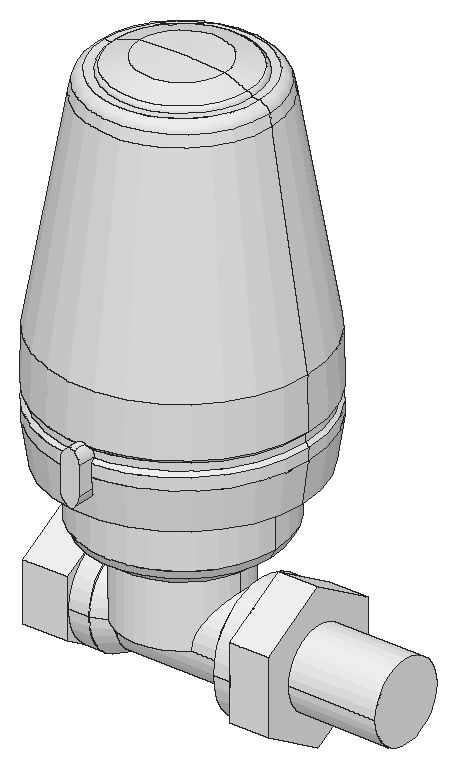
Revit family "RA-FN_Straight_DN10-20_F_Regus_RFA_1", category Pipe Accessories, Revit 2019
Family settings
  Round Connector Dimension = Use Diameter
  Part Type = Valve - Breaks Into
  OmniClass Number = 23.65.55.14.17
  OmniClass Title = Adjusting/Controlling Valves for Liquid Services
  Work Plane-Based = No
  Always vertical = Yes
  Cut with Voids When Loaded = No
  Shared = No
Parameters (values of type "RA-FN_Straight_DN10_Internal_F_013G0002")
  Weight = 0.21 kg
  W = 58.00 mm  # constant formula
  Sensor Type = Regus Sensors_RA_RFA : Regus Sensors_RA_Built-in_8-28 °C
  SL = L1 + L2  # 55.50 mm
  RV4_1 = 15.50 mm
  RV2_1 = 12.50 mm
  RV4 = 13.30 mm
  RV3 = 11.00 mm
  RV2 = 10.80 mm
  Pressure Drop [instance] = 0.0 bar
  Model Type = "RA-FN_Straight_DN10_Internal_F"
  Model = "013G0002"
  Max Operating Pressure = "10 bar"  # constant formula
  Max Medium Temperature = "120 ˚C"  # constant formula
  Max Differential Pressure = "0.6 bar"  # constant formula
  L_2 = 8.50 mm
  Valve Body Material = Danfoss Nickel Plated Brass
  RV5 = 8.30 mm
  LOD 350 = not(LOD 200)  # yes
  LOD 200 = no
  L7 = 3.60 mm
  L5 = 14.50 mm
  L4 = 7.50 mm
  L3 = 4.20 mm
  L = 74.50 mm
  Kvs = 0.65 m³/h
  IfcExportType = "RA-FN"  # constant formula
  IfcExportAs = "IfcValveType"  # constant formula
  L_1 = 9.80 mm
  URL = "https://store.danfoss.com/en/Climate-Solutions-for-heating/Radiator-Thermostats/Radiator-Valves/Build-on-valves/Fixed-capacity-valves/c/13867?q=%3Arelevance%3Adanfoss_producttypehierarchydesc%3ARA-FN&text="
  Manufacturer = "Danfoss"  # constant formula
  L2 = 29.50 mm
  L1 = 26.00 mm
  Ha [instance] = 108.80 mm
  HT = 48.00 mm  # constant formula
  HB = 15.59 mm
  H = HB + 108.80 mm  # 124.39 mm
  Flow [instance] = 0.0 m³/h
  Description = "Thermostatic Radiator Valve"  # constant formula
  D_Thread = L_Thread2 * 2  # 27.00 mm
  DB1 = 25.50 mm
  DV1 = 18.00 mm
  L_Thread2 = 13.50 mm
  L_Thread1 = 10.80 mm
  D = 10.00 mm
  Connection = "Internal Thread"  # constant formula
Types (3, lengths in mm): name | Weight | SL | RV4_1 | RV2_1 | RV4 | RV3 | RV2 | Model Type | Model | L_2 | RV5 | L7 | L5 | L4 | L3 | L | Kvs | L_1 | L2 | L1 | HB | H | D_Thread | DB1 | DV1 | L_Thread2 | L_Thread1 | D
  RA-FN_Straight_DN10_Internal_F_013G0002 | 0.21 kg | 55.50 | 15.50 | 12.50 | 13.30 | 11.00 | 10.80 | "RA-FN_Straight_DN10_Internal_F" | "013G0002" | 8.50 | 8.30 | 3.60 | 14.50 | 7.50 | 4.20 | 74.50 | 0.65 m³/h | 9.80 | 29.50 | 26.00 | 15.59 | 124.39 | 27.00 | 25.50 | 18.00 | 13.50 | 10.80 | 10.00
  RA-FN_Straight_DN15_Internal_F_013G0004 | 0.24 kg | 61.00 | 17.30 | 15.30 | 14.80 | 12.30 | 12.50 | "RA-FN_Straight_DN15_Internal_F" | "013G0004" | 10.00 | 10.50 | 3.80 | 15.50 | 9.50 | 4.00 | 82.00 | 0.9 m³/h | 10.00 | 32.00 | 29.00 | 17.32 | 126.12 | 30.00 | 25.50 | 20.30 | 15.00 | 13.30 | 15.00
  RA-FN_Straight_DN20_Internal_F_013G0006 | 0.39 kg | 74.30 | 21.00 | 18.30 | 18.20 | 15.00 | 15.60 | "RA-FN_Straight_DN20_Internal_F" | "013G0006" | 14.00 | 13.30 | 4.20 | 18.00 | 14.00 | 6.20 | 96.50 | 1.4 m³/h | 12.20 | 39.30 | 35.00 | 21.13 | 129.93 | 36.60 | 29.00 | 25.00 | 18.30 | 15.80 | 20.00
Reference planes
  plane 1 "Center (Front/Back)": y = 0
  plane 2 "XYPLANE": z = 6
  plane 3 "Center (Left/Right)": x = 0
  plane 4 "63": x = 0
  plane 5 "62": x = -26
  plane 6 "61": x = 29.5
  plane 7 "60": y = 0
  plane 8 "59": z = 0
  plane 9 "Y2": x = -16.2
  plane 10: z = 108.8
  plane 11: x = 48.5
  plane 12: x = 21
  plane 13: z = 15
  plane 14: x = 14.5
  plane 15: x = -7.5
  plane 16: x = -11.7
  plane 17: x = 17.4
  plane 18: x = -11.473
  plane 19: z = -15.59
  plane 20: y = 27.5
  plane 21: y = -30.5
Forms (mm)
  Extrusion 1, solid, material "Danfoss Nickel Plated Brass" <- "Valve Body Material", visible <- "LOD 350", detail levels fine
    sketch origin (-15, 0, 0) x (0, 0, 1) y (0, -1, 0)
      loop
        circle (0, 0) r 9
    from 7.5 to 29.5
  Extrusion 2, solid, material "Danfoss Nickel Plated Brass" <- "Valve Body Material", visible <- "LOD 350", detail levels fine
    sketch origin (29.5, -750, 0) x (0, 1, 0) y (0, 0, 1)
      loop
        line (750, 15.588) -> (736.5, 7.794) -> (736.5, -7.794) -> (750, -15.588) -> (763.5, -7.794) -> (763.5, 7.794) -> (750, 15.588)
    from 0 to -8.5
  Extrusion 3, solid, material "Danfoss Nickel Plated Brass" <- "Valve Body Material", visible <- "LOD 350", detail levels fine
    sketch origin (-26, -750, 0) x (0, 1, 0) y (0, 0, 1)
      loop
        line (750, 12.471) -> (739.2, 6.235) -> (739.2, -6.235) -> (750, -12.471) -> (760.8, -6.235) -> (760.8, 6.235) -> (750, 12.471)
    from 0 to 9.8 <- "L_1"
  Extrusion 4, solid, material "Danfoss Nickel Plated Brass" <- "Valve Body Material", visible <- "LOD 350", detail levels fine
    sketch origin (29.5, -750, 0) x (0, 1, 0) y (0, 0, 1)
      loop
        circle (750, 0) r 10.8
    from -45.7 to -41.2
  Extrusion 5, solid, material "Danfoss Nickel Plated Brass" <- "Valve Body Material", visible <- "LOD 200", detail levels fine
    sketch origin (29.5, -750, 0) x (0, 1, 0) y (0, 0, 1)
      loop
        circle (750, 0) r 9
    from -45.7 to -8.5
  Extrusion 6, solid, material "Danfoss Nickel Plated Brass" <- "Valve Body Material", detail levels fine
    sketch origin (0, 0, 0) x (0, 1, 0) y (0, 0, 1)
      loop
        circle (0, 0) r 8.3
    from 29.5 to 48.5
  Extrusion 7, solid, material "Danfoss Nickel Plated Brass" <- "Valve Body Material", detail levels fine
    sketch origin (0, 0, 0) x (1, 0, 0) y (0, 1, 0)
      loop
        circle (0, 0) r 12.75
    from 0 to 15
  Blend 8, solid, material "Danfoss Nickel Plated Brass" <- "Valve Body Material", visible <- "LOD 350", detail levels fine
    base sketch origin (0, 0, 0) x (0, 1, 0) y (0, 0, 1)
      loop
        circle (0, 0) r 10.8
    top sketch origin (0, 0, 0) x (0, 1, 0) y (0, 0, 1)
      loop
        circle (0, 0) r 9
    from -11.7 to -7.5
  Blend 9, solid, material "Danfoss Nickel Plated Brass" <- "Valve Body Material", visible <- "LOD 350", detail levels fine
    base sketch origin (0, 0, 0) x (0, 1, 0) y (0, 0, -1)
      loop
        circle (0, 0) r 11
    top sketch origin (0, 0, 0) x (0, 1, 0) y (0, 0, -1)
      loop
        circle (0, 0) r 9
    from -17.4 to -14.5
  Extrusion 10, solid, material "Danfoss Nickel Plated Brass" <- "Valve Body Material", visible <- "LOD 350", detail levels fine
    sketch origin (-29.5, -750, 0) x (0, 1, 0) y (0, 0, -1)
      loop
        circle (750, 0) r 13.3
    from -50.5 to -46.9
  Extrusion 11, solid, material "Danfoss Nickel Plated Brass" <- "Valve Body Material", visible <- "LOD 200", detail levels fine
    sketch origin (0, 0, 0) x (0, 1, 0) y (0, 0, 1)
      loop
        circle (0, 0) r 12.5
    from -26 to -16.2
  Extrusion 12, solid, material "Danfoss Nickel Plated Brass" <- "Valve Body Material", visible <- "LOD 200", detail levels fine
    sketch origin (0, 0, 0) x (0, 1, 0) y (0, 0, 1)
      loop
        circle (0, 0) r 15.5
    from 21 to 29.5
Lines and regions (mm)
  reference lines, not visible
    curve 1: circle (2, 2, 0) r 1 normal (0, 0, 1)
  reference lines, visible <- "LOD 350"
    curve 2: line (29.5, 0, 0) -> (29.5, 5.846, -3.375)
    curve 3: line (29.5, 0, 0) -> (29.5, 0, -6.75)
    curve 4: line (29.5, 0, 0) -> (29.5, -5.846, -3.375)
    curve 5: line (-26, 0, 0) -> (-26, -4.98, -2.875)
    curve 6: line (-26, 0, 0) -> (-26, 0, -5.75)
    curve 7: line (-26, 0, 0) -> (-26, 4.98, -2.875)
Dimensions and locks
  plane 1 "Center (Front/Back)" to curve 1 = 2.00 mm
  locked: plane 3 "Center (Left/Right)" to plane 4 "63"
  "L1": plane 3 "Center (Left/Right)" to plane 5 "62"
  "L2": plane 3 "Center (Left/Right)" to plane 6 "61"
  locked: plane 1 "Center (Front/Back)" to plane 7 "60"
  plane 8 "59" to plane 2 "XYPLANE" = 6.00 mm
  "L_Thread2": curve 2 to Extrusion 2 sketch curve  (x2)
  "L_Thread2": curve 3 to Extrusion 2 sketch curve  (x2)
  "L_Thread2": curve 4 to Extrusion 2 sketch curve  (x2)
  "L_Thread1": curve 5 to Extrusion 3 sketch curve  (x2)
  "L_Thread1": curve 6 to Extrusion 3 sketch curve  (x2)
  "L_Thread1": curve 7 to Extrusion 3 sketch curve  (x2)
  "L_1": plane 5 "62" to plane 9 "Y2"
  "L_2": plane 12 to plane 6 "61"
  "L4": plane 3 "Center (Left/Right)" to plane 15
  "L5": plane 14 to plane 3 "Center (Left/Right)"
  "L3": plane 15 to plane 16
  "L": plane 5 "62" to plane 11
  plane 6 "61" to plane 5 "62" = 55.50 mm
  plane 11 to plane 5 "62" = 74.50 mm
  "L7": plane 12 to plane 17
  locked: plane 18 to plane 9 "Y2" at 4.727
  locked: plane 13 to level at 15
  "Ha": plane 10 to level
  "HB": level to plane 19
  "H": plane 10 to plane 19
  "W": plane 21 to plane 20
  "DV1": diameter of Extrusion 1 sketch curve
  "RV2": radius of Extrusion 4 sketch curve
  "DV1": diameter of Extrusion 5 sketch curve
  "RV5": radius of Extrusion 6 sketch curve
  "DB1": diameter of Extrusion 7 sketch curve
  "RV2": radius of Blend 8 sketch curve
  "DV1": diameter of Blend 8 sketch curve
  "RV3": radius of Blend 9 sketch curve
  "DV1": diameter of Blend 9 sketch curve
  "RV4": radius of Extrusion 10 sketch curve
  "RV2_1": radius of Extrusion 11 sketch curve
  "RV4_1": radius of Extrusion 12 sketch curve
  locked: curve 3 to curve 2 (angle 60.00°)
  locked: curve 4 to curve 3 (angle 60.00°)
  locked: curve 4 to curve 2 (angle 120.00°)
  locked: curve 6 to curve 5 (angle 60.00°)
  locked: curve 7 to curve 6 (angle 60.00°)
  locked: curve 7 to curve 5 (angle 120.00°)
  aligned and locked: Extrusion 1 sketch curve to plane 7 "60"
  aligned and locked: curve 4 to plane 7 "60"
  aligned and locked: plane 8 "59" to curve 4
  aligned and locked: curve 7 to plane 7 "60"
  aligned and locked: plane 8 "59" to curve 7
  aligned and locked: plane 1 "Center (Front/Back)" to Extrusion 4 sketch curve
  aligned and locked: level to Extrusion 4 sketch curve
  aligned and locked: plane 1 "Center (Front/Back)" to Extrusion 5 sketch curve
  aligned and locked: level to Extrusion 5 sketch curve
  aligned and locked: plane 9 "Y2" to Extrusion 3
  aligned and locked: plane 1 "Center (Front/Back)" to Extrusion 6 sketch curve
  aligned and locked: level to Extrusion 6 sketch curve
  aligned and locked: Extrusion 2 to plane 12
  aligned and locked: plane 4 "63" to Extrusion 7 sketch curve
  aligned and locked: plane 7 "60" to Extrusion 7 sketch curve
  aligned and locked: plane 13 to Extrusion 7
  aligned and locked: Extrusion 6 to plane 6 "61"
  aligned and locked: Extrusion 6 to plane 11
  aligned and locked: Extrusion 1 to plane 15
  aligned and locked: plane 14 to Extrusion 1
  aligned and locked: Extrusion 4 to plane 9 "Y2"
  aligned and locked: plane 16 to Extrusion 4
  aligned and locked: plane 1 "Center (Front/Back)" to Blend 8 sketch curve  (x2)
  aligned and locked: level to Blend 8 sketch curve  (x2)
  aligned and locked: Blend 8 to plane 16
  aligned and locked: plane 15 to Blend 8
  aligned and locked: plane 14 to Blend 9
  aligned and locked: plane 1 "Center (Front/Back)" to Blend 9 sketch curve  (x2)
  aligned and locked: level to Blend 9 sketch curve  (x2)
  aligned and locked: Extrusion 5 to plane 9 "Y2"
  aligned and locked: plane 12 to Extrusion 5
  aligned and locked: plane 17 to Blend 9
  aligned and locked: plane 12 to Extrusion 10
  aligned and locked: Extrusion 10 to plane 17
  aligned and locked: plane 1 "Center (Front/Back)" to Extrusion 11 sketch curve
  aligned and locked: level to Extrusion 11 sketch curve
  aligned and locked: Extrusion 11 to plane 5 "62"
  aligned and locked: Extrusion 11 to plane 9 "Y2"
  aligned and locked: plane 1 "Center (Front/Back)" to Extrusion 12 sketch curve
  aligned and locked: level to Extrusion 12 sketch curve
  aligned and locked: Extrusion 2 to Extrusion 12
  aligned and locked: Extrusion 12 to plane 6 "61"
  aligned and locked: plane 3 "Center (Left/Right)" to nested 1
  aligned and locked: plane 13 to nested 1
  aligned and locked: plane 1 "Center (Front/Back)" to nested 1
  aligned and locked: nested 2 to plane 13
  aligned and locked: plane 3 "Center (Left/Right)" to nested 2
  aligned and locked: plane 1 "Center (Front/Back)" to nested 2
  aligned and locked: level to nested 3
  aligned and locked: nested 3 to plane 6 "61"
  aligned and locked: plane 1 "Center (Front/Back)" to nested 3
Automatic sketch dimensions
  plane 3 "Center (Left/Right)" to curve 1 = 2.00 mm
  Extrusion 1 sketch curve to level = 0.00 mm
  Extrusion 6 sketch curve to level = 0.00 mm
  Extrusion 10 sketch curve to level = 0.00 mm
  Extrusion 10 sketch curve to plane 1 "Center (Front/Back)" = 0.00 mm
  radius of curve 1 = 1.00 mm
Nested families
  nested 1: "connection neck" at (0, 0, 15), LOD 200 <- "LOD 200", type "connection", detail levels fine
    with LOD 350 yes, LOD 200 no, DN20(350) no, DN10-15(350) yes
  nested 2: "Regus Sensors_RA_RFA" at (0, 0, 15), LOD 200 <- "LOD 200", type <- "Sensor Type", type "Regus Sensors_RA_Built-in_8-28 °C", detail levels fine
    with LOD 350 yes, LOD 200 no
  nested 3: "Schematic_TRV_Sensor_Straight" at (1.75, 0, 0), type "Schematic_TRV_Sensor_Straight", detail levels coarse+medium
Connectors
  piping at (-26, 0, 0), diameter 10, driven by "D", driven by "Flow"
    settings: on Extrusion 3, index 2, connector inside diameter 609.6 mm, connector length 0.00 mm, flow factor 0, pipe flow 0.0 m³/h, pressure drop 0.0 bar, fitting loss kfactor 0, connector angle 0.00°, fixture units 0, engagement length 0.00 mm, angle of deflection 0.00°, flow configuration 0, flow direction 1, fitting loss method 0, system type 29, joint type 0, gender type 0, connector reference index 3, connector utility 0, adjustable connector no, is connector primary yes, connector description ""
  piping at (29.5, 0, 0), diameter 10, driven by "Flow", driven by "D"
    settings: on Extrusion 2, index 3, connector inside diameter 609.6 mm, connector length 0.00 mm, flow factor 0, pipe flow 0.0 m³/h, pressure drop 0.0 bar, fitting loss kfactor 0, connector angle 0.00°, fixture units 0, engagement length 0.00 mm, angle of deflection 0.00°, flow configuration 0, flow direction 2, fitting loss method 0, system type 29, joint type 0, gender type 0, connector reference index 2, connector utility 0, adjustable connector no, is connector primary no, connector description ""
Definition of nested family "connection neck"
  Parameters (values of type "connection")
    Model = ""
    Valve Body Material = none
    LOD 350 [instance] = not(LOD 200)  # yes
    LOD 200 [instance] = no
    IfcExportType = "Connection neck"  # constant formula
    IfcExportAs = "IfcValveType"  # constant formula
    URL = "https://store.danfoss.com/en/Climate-Solutions-for-heating/Radiator-Thermostats/Radiator-Valves/Build-on-valves/Presetting-valves/c/13866?q=%3Arelevance%3Adanfoss_producttypehierarchydesc%3ARA-N&text="
    Manufacturer = "Danfoss"  # constant formula
    HT1 = if(D = 20.00 mm, 12.55 mm, 12.65 mm)  # 12.65 mm
    HT = 33.00 mm  # constant formula
    H [instance] = 33.00 mm
    Description = "Thermostatic Radiator Valve"  # constant formula
    DN20(350) [instance] = and((LOD 350), D = 20.00 mm)  # no
    DN10-15(350) [instance] = and((LOD 350), D < 20.00 mm)  # yes
    D = 10.00 mm
  Reference planes
    plane 1 "Center (Front/Back)": y = 0
    plane 2 "XYPLANE": z = 6
    plane 3 "Center (Left/Right)": x = 0
    plane 4 "67": z = 27.03
    plane 5 "66": z = 7
    plane 6 "63": x = 0
    plane 7 "60": y = 0
    plane 8 "59": z = 0
    plane 9: z = 33
    plane 10: z = 12.65
    plane 11: z = 0
    plane 12 "HT1": z = 12.65
    plane 13: z = 6.1
    plane 14: z = 23.03
  Forms (mm)
    Revolve 1, solid, detail levels fine
      sketch origin (0, 0, 0) x (1, 0, 0) y (0, 0, 1)
        loop
          line (0, 33) -> (0, 27.03) -> (1, 27.03) -> (1, 33) -> (0, 33)
        axis (0, 27.03) -> (0, 33)
      angle from 0 to 360
    Revolve 2, solid, visible <- "DN10-15(350)", detail levels fine
      sketch origin (0, 0, 0) x (1, 0, 0) y (0, 0, 1)
        loop
          line (0, 0) -> (11.5, 0) -> (11.5, 7) -> (8.3, 7) -> (8.3, 12.65) -> (0, 12.65) -> (0, 0)
        axis (0, 12.65) -> (0, 0)
      angle from 0 to 360
    Revolve 3, solid, material <- "Valve Body Material", detail levels fine
      sketch origin (0, 0, 0) x (1, 0, 0) y (0, 0, 1)
        loop
          line (0, 23.03) -> (0, 12.65) -> (9.3, 12.65) -> (9.3, 23.03) -> (0, 23.03)
        axis (0, 12.65) -> (0, 23.03)
      angle from 0 to 360
    Revolve 4, solid, visible <- "LOD 200", detail levels fine
      sketch origin (0, 0, 0) x (1, 0, 0) y (0, 0, 1)
        loop
          line (0, 0) -> (11.5, 0) -> (11.5, 12.65) -> (0, 12.65) -> (0, 0)
        axis (0, 0) -> (0, 12.65)
      angle from 0 to 360
    Extrusion 5, solid, visible <- "LOD 350", detail levels fine
      sketch origin (0, 0, 0) x (1, 0, 0) y (0, 1, 0)
        loop
          line (-2.887, 5) -> (-5.774, 0) -> (-2.887, -5) -> (2.887, -5) -> (5.774, 0) -> (2.887, 5) -> (-2.887, 5)
      from 23.03 to 27.03
    Revolve 6, solid, visible <- "LOD 200", detail levels fine
      sketch origin (0, 0, 0) x (1, 0, 0) y (0, 0, 1)
        loop
          line (0, 27.03) -> (0, 23.03) -> (5.774, 23.03) -> (5.774, 27.03) -> (0, 27.03)
        axis (0, 27.03) -> (0, 23.03)
      angle from 0 to 360
    Revolve 7, solid, visible <- "DN20(350)", detail levels fine
      sketch origin (0, 0, 0) x (1, 0, 0) y (0, 0, 1)
        loop
          line (0, 0) -> (11.5, 0) -> (11.5, 6.1) -> (8.3, 6.1) -> (8.3, 12.65) -> (0, 12.65) -> (0, 0)
        axis (0, 12.65) -> (0, 0)
      angle from 0 to 360
  Lines and regions (mm)
    reference lines, not visible
      curve 1: circle (2, 2, 0) r 1 normal (0, 0, 1)
    reference lines, visible <- "LOD 350"
      curve 2: line (32, 0, 0) -> (32, 5.846, -3.375)
      curve 3: line (32, 0, 0) -> (32, 0, -6.75)
      curve 4: line (32, 0, 0) -> (32, -5.846, -3.375)
      curve 5: line (-29, 0, 0) -> (-29, -4.98, -2.875)
      curve 6: line (-29, 0, 0) -> (-29, 0, -5.75)
      curve 7: line (-29, 0, 0) -> (-29, 4.98, -2.875)
  Dimensions and locks
    plane 1 "Center (Front/Back)" to curve 1 = 2.00 mm
    locked: plane 3 "Center (Left/Right)" to plane 6 "63"
    locked: plane 1 "Center (Front/Back)" to plane 7 "60"
    plane 8 "59" to plane 2 "XYPLANE" = 6.00 mm
    "HT": plane 9 to level
    Revolve 3 sketch curve to Revolve 3 sketch curve = 9.30 mm
    Revolve 2 sketch curve to plane 3 "Center (Left/Right)" = 11.50 mm
    Revolve 2 sketch curve to plane 3 "Center (Left/Right)" = 8.30 mm
    Revolve 4 sketch curve to Revolve 4 sketch curve = 11.50 mm
    Extrusion 5 sketch curve to Extrusion 5 sketch curve = 10.00 mm  (x3)
    equal spacing: Extrusion 5 sketch curve, plane 1 "Center (Front/Back)", Extrusion 5 sketch curve
    equal spacing: Extrusion 5 sketch curve, plane 3 "Center (Left/Right)", Extrusion 5 sketch curve  (x2)
    Revolve 6 sketch curve to Revolve 6 sketch curve = 5.774 mm
    "H": plane 9 to plane 11
    Revolve 1 sketch curve to Revolve 1 sketch curve = 1.00 mm
    locked: level to plane 11
    Revolve 7 sketch curve to plane 3 "Center (Left/Right)" = 8.30 mm
    Revolve 7 sketch curve to plane 3 "Center (Left/Right)" = 11.50 mm
    plane 10 to plane 5 "66" = 5.65 mm
    "HT1": plane 12 "HT1" to level
    locked: plane 13 to level at 6.1
    plane 12 "HT1" to plane 13 = 6.55 mm
    locked: plane 14 to plane 12 "HT1" at 10.38
    locked: plane 4 "67" to plane 14 at 4
    locked: plane 5 "66" to level at 7
    locked: curve 3 to curve 2 (angle 60.00°)
    locked: curve 4 to curve 3 (angle 60.00°)
    locked: curve 4 to curve 2 (angle 120.00°)
    locked: curve 6 to curve 5 (angle 60.00°)
    locked: curve 7 to curve 6 (angle 60.00°)
    locked: curve 7 to curve 5 (angle 120.00°)
    aligned and locked: curve 4 to plane 7 "60"
    aligned and locked: plane 8 "59" to curve 4
    aligned and locked: curve 7 to plane 7 "60"
    aligned and locked: plane 8 "59" to curve 7
    aligned and locked: Revolve 1 sketch curve to plane 6 "63"
    aligned and locked: Revolve 1 sketch curve to plane 9
    aligned and locked: plane 6 "63" to Revolve 1 sketch curve
    aligned and locked: Revolve 2 sketch curve to plane 5 "66"
    aligned and locked: Revolve 2 sketch curve to plane 3 "Center (Left/Right)"
    aligned and locked: Revolve 2 sketch curve to Revolve 2 sketch curve
    aligned and locked: Revolve 3 sketch curve to plane 6 "63"
    aligned and locked: plane 6 "63" to Revolve 3 sketch curve
    aligned and locked: Revolve 4 sketch curve to plane 6 "63"
    aligned and locked: plane 2 "XYPLANE" to Revolve 4 sketch curve
    aligned and locked: plane 6 "63" to Revolve 4 sketch curve
    aligned and locked: Revolve 1 sketch curve to plane 4 "67"
    aligned and locked: plane 4 "67" to Revolve 1 sketch curve
    aligned and locked: Revolve 2 sketch curve to plane 11
    aligned and locked: plane 11 to Revolve 2 sketch curve
    aligned and locked: plane 4 "67" to Extrusion 5
    aligned and locked: plane 10 to Revolve 4
    aligned and locked: Revolve 6 sketch curve to plane 6 "63"  (x2)
    aligned and locked: Revolve 6 sketch curve to plane 4 "67"
    aligned and locked: Revolve 6 sketch curve to Revolve 1
    aligned and locked: Revolve 6 sketch curve to Revolve 6 sketch curve
    aligned and locked: Revolve 7 sketch curve to level
    aligned and locked: Revolve 7 sketch curve to plane 3 "Center (Left/Right)"  (x2)
    aligned and locked: Revolve 4 sketch curve to plane 12 "HT1"
    aligned and locked: Revolve 3 sketch curve to plane 12 "HT1"
    aligned and locked: Revolve 2 sketch curve to plane 12 "HT1"
    aligned and locked: Revolve 7 sketch curve to plane 12 "HT1"
    aligned and locked: Revolve 7 sketch curve to plane 13
    aligned and locked: Revolve 3 sketch curve to plane 14
    aligned and locked: Extrusion 5 to plane 14
  Automatic sketch dimensions
    plane 3 "Center (Left/Right)" to curve 1 = 2.00 mm
    plane 9 to Revolve 1 sketch curve = 0.838 mm
    Revolve 3 sketch curve to plane 3 "Center (Left/Right)" = 0.00 mm
    plane 5 "66" to Revolve 3 sketch curve = 2.50 mm
    Revolve 3 sketch curve to plane 9 = 1.691 mm
    Revolve 4 sketch curve to plane 11 = 0.00 mm
    Revolve 4 sketch curve to plane 9 = 0.30 mm
    plane 1 "Center (Front/Back)" to Extrusion 5 sketch curve = 0.00 mm
    Extrusion 5 sketch curve to Extrusion 5 sketch curve = 2.887 mm
    Revolve 7 sketch curve to Revolve 7 sketch curve = 0.00 mm
    Revolve 7 sketch curve to Revolve 7 sketch curve = 11.48 mm
    Revolve 2 sketch curve to plane 4 "67" = 3.00 mm
    Revolve 6 sketch curve to plane 4 "67" = 4.00 mm
    radius of curve 1 = 1.00 mm
Definition of nested family "Regus Sensors_RA_RFA"
  Parameters (values of type "Regus Sensors_RA_Built-in_8-28 °C")
    W [instance] = 57.89 mm
    URL = "https://store.danfoss.com/en/Climate-Solutions-for-heating/Radiator-Thermostats/Radiator-sensors/Room-sensor-mTRV/Sensors-for-Danfoss-RA-valves/c/13884?q=%3Arelevance%3Adanfoss_producttypehierarchydesc%3ADanfoss+Regus%C2%AE+Sensors%3Adanfoss_a1184338573%3AA1184_3385735918e24870f0ea98b9978dae8a69c533%3Adanfoss_a1186338575%3AA1186_3385757565fa0f3e171a343b2fd2a01064cb82&text="
    Sensor Media = "Liquid"  # constant formula
    Model Type = "Regus Sensors_RA_Built-in_8-28 °C"
    Model = "015G3690,015G3698,015G3818"
    Min Temperature Setting = "8 °C"
    Max Temperature Setting = "28 °C"  # constant formula
    Manufacturer = "Danfoss"  # constant formula
    LOD 350 [instance] = not(LOD 200)  # yes
    LOD 200 [instance] = no
    L [instance] = 55.00 mm
    IfcExportType = "Regus Sensors"  # constant formula
    IfcExportAs = "IfcActuatorType"  # constant formula
    H [instance] = 93.80 mm
    Description = "Radiator Sensor"  # constant formula
    Connection = "RA"  # constant formula
    Body Material = none
  Types (3, lengths in mm): name | W | Model Type | Model | Min Temperature Setting
    Regus Sensors_RA_Built-in_8-28 °C | 57.89 | "Regus Sensors_RA_Built-in_8-28 °C" | "015G3690,015G3698,015G3818" | "8 °C"
    Regus Sensors_RA_Built-in_16-28 °C_015G3696 | 58.085 | "Regus Sensors_RA_Built-in_16-28 °C" | "015G3696" | "16 °C"
    Regus Sensors_RA_Built-in_15-28 °C_015G3695 | 57.89 | "Regus Sensors_RA_Built-in_15-28 °C" | "015G3695" | "15 °C"
  Reference planes
    plane 1 "Center (Front/Back)": y = 0
    plane 2: z = 0
    plane 3 "Center (Left/Right)": x = 0
    plane 4: y = 27.5
    plane 5: z = 93.8
    plane 6 "TP": z = 56
    plane 7 "BT": z = 17.2
    plane 8: x = -27.5
    plane 9: y = -27.5
    plane 10: x = 27.5
  Forms (mm)
    Revolve 1, solid, material <- "Body Material", visible <- "LOD 350", detail levels fine
      sketch origin (0, 0, 0) x (1, 0, 0) y (0, 0, 1)
        loop
          line (-15.605, 0) -> (0, 0) -> (0, 93.862)
          arc (0, 93.862) -> (-4.572, 93.778) -> (-9.125, 93.351) r 61.086
          arc (-9.125, 93.351) -> (-11.749, 92.659) -> (-14.298, 91.729) r 29.461
          arc (-14.298, 91.729) -> (-14.798, 91.355) -> (-15.061, 90.788) r 1.279
          line (-15.061, 90.788) -> (-16.86, 90.788)
          arc (-16.86, 90.788) -> (-18.161, 90.099) -> (-18.896, 88.823) r 2.657
          line (-18.896, 88.823) -> (-19.478, 86.463) -> (-27.325, 41.083) -> (-27.5, 30.132) -> (-26.69, 29.322) -> (-26.69, 27.783) -> (-27.5, 26.973) -> (-27.5, 24.341) -> (-26.21, 15.683) -> (-19.151, 15.683) -> (-20.356, 13.596) -> (-20.356, 4.723) -> (-19.293, 2.723) -> (-17.405, 2.723) -> (-17.405, 1.8) -> (-15.605, 0)
        axis (0, 93.862) -> (0, 0)
      angle from 0 to 360
    Revolve 2, solid, material <- "Body Material", visible <- "LOD 200", detail levels fine
      sketch origin (0, 0, 0) x (1, 0, 0) y (0, 0, 1)
        loop
          line (-20.702, 0) -> (0, 0) -> (0, 93.763) -> (-8.613, 93.313)
          arc (-8.613, 93.313) -> (-14.163, 92.002) -> (-18.896, 88.823) r 15.949
          line (-18.896, 88.823) -> (-27.397, 40.667) -> (-27.397, 23.819) -> (-26.254, 15.683) -> (-20.702, 15.683) -> (-20.702, 0)
        axis (0, 93.763) -> (0, 0)
      angle from 0 to 360
    Extrusion 3, solid, material <- "Body Material", visible <- "LOD 350", detail levels fine
      sketch origin (0, 0, 0) x (1, 0, 0) y (0, 0, 1)
        loop
          line (-2.009, 27.783) -> (-2.009, 21.856)
          arc (-2.009, 21.856) -> (-1.593, 20.295) -> (-0.456, 19.148) r 3.138
          arc (-0.456, 19.148) -> (0.144, 19.027) -> (0.691, 19.3) r 0.942
          arc (0.691, 19.3) -> (1.66, 20.418) -> (2.009, 21.856) r 3.138
          line (2.009, 21.856) -> (2.009, 27.783)
          arc (2.009, 27.783) -> (1.66, 29.221) -> (0.691, 30.339) r 3.138
          arc (0.691, 30.339) -> (0.144, 30.612) -> (-0.456, 30.491) r 0.942
          arc (-0.456, 30.491) -> (-1.593, 29.344) -> (-2.009, 27.783) r 3.138
      from 0 to 30.39
  Lines and regions (mm)
    symbolic lines
      curve 1: line (25.439, -10.66, 0) -> (26.655, -6.916, 0)
  Dimensions and locks
    "H": plane 5 to level
    "W": plane 4 to Extrusion 3
    equal spacing: plane 9, plane 1 "Center (Front/Back)", plane 4
    equal spacing: plane 10, plane 3 "Center (Left/Right)", plane 8
    "L": plane 10 to plane 8
    equal spacing: plane 8, plane 3 "Center (Left/Right)", plane 10
    aligned and locked: level to plane 2
  Automatic sketch dimensions
    plane 1 "Center (Front/Back)" to curve 1 = 6.916 mm
    curve 1 to curve 1 = 1.216 mm
    curve 1 to curve 1 = 3.744 mm
    plane 3 "Center (Left/Right)" to curve 1 = 25.439 mm
    Revolve 1 sketch curve to plane 8 = 0.00 mm  (x2)
    Revolve 1 sketch curve to plane 3 "Center (Left/Right)" = 0.00 mm  (x2)
    plane 8 to Revolve 1 sketch curve = 0.175 mm
    plane 8 to Revolve 1 sketch curve = 0.81 mm
    plane 8 to Revolve 1 sketch curve = 1.29 mm
    Revolve 1 sketch curve to Revolve 1 sketch curve = 5.853 mm
    plane 8 to Revolve 1 sketch curve = 8.022 mm
    level to Revolve 1 sketch curve = 2.723 mm
    Revolve 1 sketch curve to Revolve 1 sketch curve = 1.063 mm
    Revolve 1 sketch curve to plane 5 = 4.977 mm
    Revolve 1 sketch curve to Revolve 1 sketch curve = 0.581 mm
    Revolve 1 sketch curve to Revolve 1 sketch curve = 1.888 mm
    Revolve 1 sketch curve to Revolve 1 sketch curve = 2.037 mm
    Revolve 1 sketch curve to Revolve 1 sketch curve = 0.543 mm
    Revolve 1 sketch curve to Revolve 1 sketch curve = 1.798 mm
    Revolve 1 sketch curve to Revolve 1 sketch curve = 1.256 mm
    Revolve 1 sketch curve to plane 3 "Center (Left/Right)" = 2.936 mm
    Revolve 1 sketch curve to plane 3 "Center (Left/Right)" = 1.157 mm
    Revolve 1 sketch curve to Revolve 1 sketch curve = 2.00 mm
    plane 7 "BT" to Revolve 1 sketch curve = 3.604 mm
    Revolve 1 sketch curve to plane 7 "BT" = 7.141 mm
    Revolve 1 sketch curve to Revolve 1 sketch curve = 2.632 mm
    Revolve 1 sketch curve to Revolve 1 sketch curve = 0.81 mm  (x2)
    Revolve 1 sketch curve to Revolve 1 sketch curve = 1.539 mm
    Revolve 1 sketch curve to plane 7 "BT" = 15.587 mm
    Revolve 1 sketch curve to Revolve 1 sketch curve = 10.951 mm
    Revolve 1 sketch curve to plane 6 "TP" = 8.548 mm
    Revolve 1 sketch curve to Revolve 1 sketch curve = 2.36 mm
    Revolve 1 sketch curve to Revolve 1 sketch curve = 0.636 mm
    Revolve 1 sketch curve to Revolve 1 sketch curve = 0.239 mm
    plane 5 to Revolve 1 sketch curve = 0.062 mm
    plane 7 "BT" to Revolve 1 sketch curve = 1.517 mm
    Revolve 1 sketch curve to Revolve 1 sketch curve = 1.205 mm
    level to Revolve 1 sketch curve = 1.80 mm
    Revolve 1 sketch curve to Revolve 1 sketch curve = 0.00 mm
    Revolve 1 sketch curve to level = 366.045 mm
    Revolve 1 sketch curve to Revolve 1 sketch curve = 2130.253 mm
    Revolve 1 sketch curve to level = 0.00 mm
    Revolve 1 sketch curve to Revolve 1 sketch curve = 1.80 mm
    Extrusion 3 sketch curve to plane 3 "Center (Left/Right)" = 2.009 mm
    Extrusion 3 sketch curve to Extrusion 3 sketch curve = 0.88 mm  (x3)
    plane 3 "Center (Left/Right)" to Extrusion 3 sketch curve = 0.02 mm  (x2)
    plane 3 "Center (Left/Right)" to Extrusion 3 sketch curve = 1.129 mm  (x2)
    Extrusion 3 sketch curve to plane 7 "BT" = 2.761 mm
    Extrusion 3 sketch curve to Extrusion 3 sketch curve = 1.895 mm  (x2)
    Extrusion 3 sketch curve to Extrusion 3 sketch curve = 0.00 mm  (x4)
    Extrusion 3 sketch curve to Extrusion 3 sketch curve = 5.927 mm
    Revolve 2 sketch curve to level = 0.00 mm
    Revolve 2 sketch curve to plane 3 "Center (Left/Right)" = 0.00 mm  (x2)
    Revolve 2 sketch curve to plane 3 "Center (Left/Right)" = 7.781 mm
    plane 7 "BT" to Revolve 2 sketch curve = 1.517 mm
    plane 8 to Revolve 2 sketch curve = 6.798 mm
    plane 8 to Revolve 2 sketch curve = 1.246 mm
    plane 8 to Revolve 2 sketch curve = 0.103 mm
    Revolve 2 sketch curve to plane 7 "BT" = 6.619 mm
    plane 6 "TP" to Revolve 2 sketch curve = 15.333 mm
    Revolve 2 sketch curve to plane 5 = 0.037 mm
    Revolve 2 sketch curve to plane 5 = 0.487 mm
    Revolve 2 sketch curve to plane 3 "Center (Left/Right)" = 8.613 mm
    plane 8 to Revolve 2 sketch curve = 8.604 mm
    Revolve 2 sketch curve to level = 366.045 mm
    Revolve 2 sketch curve to plane 5 = 4.977 mm
    plane 5 to Revolve 2 sketch curve = 2120.515 mm
Definition of nested family "Schematic_TRV_Sensor_Straight"
  Parameters (values of type "Schematic_TRV_Sensor_Straight")
    LA_1 = 1 / 9 * HA  # 3.111 mm
    HT = 48.00 mm
    HA_2 = 4 / 5 * HA  # 22.40 mm
    HA_1 = 1 / 5 * HA  # 5.60 mm
    HA = 4 / 5 * D  # 28.00 mm
    LA = 3 / 5 * HA  # 16.80 mm
    L = 80.00 mm
    D = 35.00 mm
  Reference planes
    plane 1 "Center (Front/Back)": y = 0
    plane 2: z = 0
    plane 3 "Center (Left/Right)": x = 0
    plane 4: z = 17.5
    plane 5: z = -17.5
    plane 6: z = 76
    plane 7: x = 40
    plane 8: x = -40
    plane 9: y = 17.5
    plane 10: y = -17.5
    plane 11: y = 76
    plane 12: z = 48
    plane 13: x = -8.4
    plane 14: x = 8.4
    plane 15: y = 48
    plane 16: z = 70.4
    plane 17: x = -5.289
    plane 18: x = 5.289
    plane 19: z = 53.6
    plane 20: y = 70.4
    plane 21: y = 53.6
    plane 22 "centerline": z = 0
  Lines and regions (mm)
    model lines
      curve 1: line (0, 0, 48) -> (0, 0, 0)
      curve 2: line (0, 0, 0) -> (-40, 0, 17.5)
      curve 3: line (-40, 0, 17.5) -> (-40, 0, -17.5)
      curve 4: line (-40, 0, -17.5) -> (0, 0, 0)
      curve 5: line (0, 0, 0) -> (40, 0, 17.5)
      curve 6: line (40, 0, 17.5) -> (40, 0, -17.5)
      curve 7: line (40, 0, -17.5) -> (0, 0, 0)
      curve 15: line (-8.4, 0, 76) -> (8.4, 0, 76)
      curve 16: line (-8.4, 0, 48) -> (-8.4, 0, 76)
      curve 17: line (8.4, 0, 48) -> (-8.4, 0, 48)
      curve 18: line (8.4, 0, 76) -> (8.4, 0, 48)
      curve 23: line (-5.289, 0, 70.4) -> (5.289, 0, 70.4)
      curve 24: line (0, 0, 53.6) -> (0, 0, 70.4)
    symbolic lines
      curve 8: line (40, 17.5, 0) -> (40, -17.5, 0)
      curve 9: line (-40, 17.5, 0) -> (-40, -17.5, 0)
      curve 10: line (-40, 17.5, 0) -> (0, 0, 0)
      curve 11: line (0, 0, 0) -> (-40, -17.5, 0)
      curve 12: line (0, 0, 0) -> (40, -17.5, 0)
      curve 13: line (0, 0, 0) -> (40, 17.5, 0)
      curve 14: line (0, 48, 0) -> (0, 0, 0)
      curve 19: line (-8.4, 76, 0) -> (8.4, 76, 0)
      curve 20: line (-8.4, 48, 0) -> (-8.4, 76, 0)
      curve 21: line (8.4, 48, 0) -> (-8.4, 48, 0)
      curve 22: line (8.4, 76, 0) -> (8.4, 48, 0)
      curve 25: line (-5.289, 70.4, 0) -> (5.289, 70.4, 0)
      curve 26: line (0, 53.6, 0) -> (0, 70.4, 0)
  Dimensions and locks
    "D": plane 4 to plane 5
    equal spacing: plane 4, level, plane 5
    equal spacing: plane 7, plane 3 "Center (Left/Right)", plane 8
    "D": plane 10 to plane 9
    equal spacing: plane 10, plane 1 "Center (Front/Back)", plane 9
    "L": plane 7 to plane 8
    "LA": plane 14 to plane 13
    equal spacing: plane 14, plane 3 "Center (Left/Right)", plane 13
    "HA": plane 6 to plane 12
    "HA": plane 15 to plane 11
    "HA_1": plane 6 to plane 16
    "LA_1": plane 17 to plane 13
    "LA_1": plane 14 to plane 18
    "HA_2": plane 6 to plane 19
    "HA_1": plane 20 to plane 11
    "HA_2": plane 21 to plane 11
    "HT": plane 12 to level
    "HT": plane 1 "Center (Front/Back)" to plane 15
    aligned and locked: level to plane 2
    aligned and locked: curve 9 to plane 8
    aligned and locked: curve 8 to plane 7
    aligned and locked: curve 14 to plane 3 "Center (Left/Right)"
    aligned and locked: plane 12 to curve 1
    aligned and locked: curve 15 to plane 6
    aligned and locked: plane 13 to curve 16
    aligned and locked: plane 12 to curve 17
    aligned and locked: curve 18 to plane 14
    aligned and locked: plane 15 to curve 14
    aligned and locked: plane 17 to curve 23
    aligned and locked: plane 18 to curve 23
    aligned and locked: curve 23 to plane 16
    aligned and locked: plane 3 "Center (Left/Right)" to curve 24
    aligned and locked: plane 19 to curve 24
    aligned and locked: plane 16 to curve 24
    aligned and locked: level to curve 1
    aligned and locked: plane 1 "Center (Front/Back)" to curve 14
  Automatic sketch dimensions
    curve 4 to plane 5 = 0.00 mm
    curve 4 to plane 8 = 0.00 mm
    curve 5 to level = 0.00 mm
    curve 5 to plane 3 "Center (Left/Right)" = 0.00 mm
    curve 6 to plane 4 = 0.00 mm
    curve 6 to plane 7 = 0.00 mm
    curve 7 to plane 5 = 0.00 mm
    curve 7 to level = 0.00 mm
    curve 3 to plane 4 = 0.00 mm
    curve 21 to plane 13 = 0.00 mm
    curve 25 to plane 17 = 0.00 mm
    curve 26 to plane 3 "Center (Left/Right)" = 0.00 mm
    curve 25 to plane 18 = 0.00 mm
    curve 21 to plane 14 = 0.00 mm
    plane 10 to curve 12 = 0.00 mm
    plane 10 to curve 9 = 0.00 mm
    plane 9 to curve 9 = 0.00 mm
    plane 9 to curve 13 = 0.00 mm
    curve 26 to plane 21 = 0.00 mm
    curve 25 to plane 20 = 0.00 mm
    curve 26 to plane 20 = 0.00 mm
    plane 11 to curve 19 = 0.00 mm
